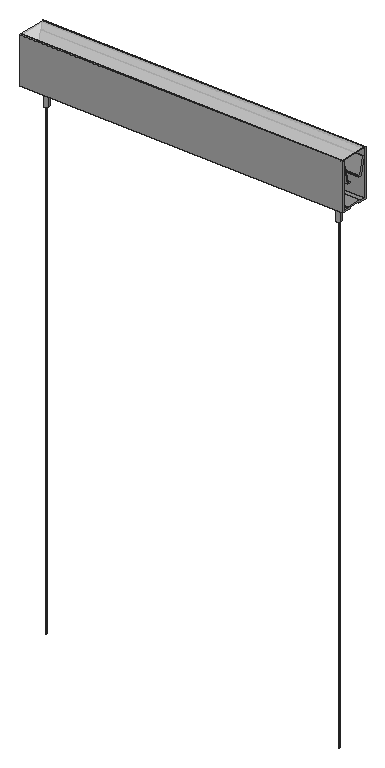
Revit family "2093158 Sylvania Lighting Fixture MC2 0-6M 4K DALI WHT OPAL", category Lighting Fixtures, host Face, Revit 2016
Family settings
  Host = Face
  Part Type = Normal
  Round Connector Dimension = Use Diameter
  OmniClass Number = 23.80.70.11.17
  OmniClass Title = Specialized Lighting by Location or Use
  Cut with Voids When Loaded = No
  Light Source = Yes
  Shared = No
  Room Calculation Point = No
Parameters (values of type "2093158 MC2 0.6M 4K DALI WHT OPAL")
  Width_SYL = 54.0 mm
  Weight = "1.5 kg"
  Wattage = 10 W
  WarrantyStartDate [instance] = "n/a"
  WarrantyGuarantorParts = "n/a"
  WarrantyDurationUnit = "n/a"
  WarrantyDurationParts = "n/a"
  WarrantyDescription = "n/a"
  built-in parameter 1150110 = 1 (stored number, unit not read)
  Voltage = 0 V
  URL = "http://www.sylvania-lighting.com"
  TypeName = "MC2 0.6M 4K DALI WHT OPAL"
  built-in parameter 1114217 = 1 (stored number, unit not read)
  Tilt Angle = -90.00°
  built-in parameter 1150109 = 1 (stored number, unit not read)
  built-in parameter 1150134 = 12
  built-in parameter 1150113 = 1 (stored number, unit not read)
  SerialNumber [instance] = "n/a"
  PowerFactor = 0.95
  PowerConsumption = "10 W"
  NominalWidth = 0.0 mm
  NominalLength = 600.0 mm
  NominalHeight = 86.0 mm
  Name = "MC2 0.6M 4K DALI WHT OPAL"
  ModelReference = "MC2 0.6M 4K DALI WHT OPAL"
  ModelNumber = "2093158"
  Material_3_SYL = Metal_Sylvania_Mini Contiuum II_Silver
  Photometric Web File = "2093158.ies"
  Material_4_SYL = Metal_Sylvania_Mini Contiuum II_Silver
  MountingHeight_SYL [instance] = 1000.0 mm
  Material = "aluminium housing, polycarbonate diffuser"
  ManufacturerName = "Feilo Sylvania"
  LuminousEfficacy = "117 lm/W"
  LuminaireType = ""
  LightOutputRatio = "100"
  Length_SYL = 600.0 mm
  LampsType = Lamp  # "LED"
  LampNominalLuminous = "1169 lm"
  LampMacAdamStep = "3"
  LampColourTemperature = "4000 K"
  LampColourRenderingIndex = "80"
  Keynote = "16500"
  InstallationDate [instance] = "n/a"
  InputVoltage = "n/a"
  InputNominalFrequency = "n/a"
  IngressProtection = "IP20"
  ImpactProtectionIndex = "n/a"
  IfcExportType = "IfcLightFixtureType"
  IfcExportAs = "IfcLightFixtureType"
  Height_SYL = 86.0 mm
  ExpectedLife = 50000
  EndCapRight_SYL [instance] = no
  EndCapLeft_SYL [instance] = no
  Emit from Rectangle Width = Width_SYL - 2.0 mm  # 52.0 mm
  Emit from Rectangle Length = Length_SYL  # 600.0 mm
  Emit Shape Visible in Rendering = no
  ElectricShockClassification = "Class I"
  DurationUnit = "hours"
  DocumentationLiterature = "http://www.sylvania-lighting.com/product/en-int/products/2093158"
  DimmingControlOptions = "n/a"
  CreatedOn = "10/15/2018"
  CreatedBy = "@sylvania-lighting.com"
  built-in parameter 1114216 [instance] = 1 (stored number, unit not read)
  Model = "MC2 0.6M 4K DALI WHT OPAL"
  Manufacturer = "Feilo Sylvania"
  built-in parameter 1150105 = 93.106 (stored number, unit not read)
  Lumens = 1170 lm
  built-in parameter 1150115 = 1 (stored number, unit not read)
  built-in parameter 1150137 = (empty or 0)
  built-in parameter 1150139 = (empty or 0)
  built-in parameter 1150112 = 1 (stored number, unit not read)
  built-in parameter 1150114 = 1 (stored number, unit not read)
  Lamp = "LED"
  built-in parameter 1150132 = 2
  built-in parameter 1150102 = (empty or 0)
  built-in parameter 1150107 = 4000 (stored number, unit not read)
  built-in parameter 1150138 = (empty or 0)
  built-in parameter 1150106 = 0.93106 (stored number, unit not read)
  Material_1_SYL = Metal_Sylvania_Mini Continuum II_White
  built-in parameter 1150104 = 10.87 (stored number, unit not read)
  Dimming Lamp Color Temperature Shift = <None>
  Material_2_SYL = Polycarbonate_Sylvania_Mini Continuum II_Opal_4000K
  Description = "2093158   MC2 0.6M 4K DALI WHT OPAL  Continuous lines of LED light, white RAL 9016, direct distribution, extension module, trimless detail for a seamless finish, suitable for recessed, semi-recessed, surface-mounted or suspended installation either horizontally or vertically, various accessories available, compact and minimalist design based on the Golden Mean, ideal for offices, meeting rooms, corridors, education facilities, museums and libraries, extruded aluminium body, diffuser: opal, colour temperature: 4000K neutral white, total system power: 10W, total fixture output: 1169lm, luminaire efficacy: 117lm/W, LOR: 100%, colour rendering: Ra >80, LED Chromacity: 1 step MacAdam ellipse, lifetime: 60,000 hours at 90% of the original output (L90), energy class: A++, A+, A, IR/UV free light source without heat radiation, operating voltage: 220-240V / 50-60Hz, drive current: 400mA, electronic driver, DALI dimmable, electrical protection: CLASS I, IP20, suitable for internal environment only."
  Default Elevation = 0.0 mm
  Color Filter = 16777215
  built-in parameter 1140040 [instance] = 1
  BarCode [instance] = "n/a"
  built-in parameter 1114218 = 1 (stored number, unit not read)
  built-in parameter 1150133 = 10 (stored number, unit not read)
  AssetType = "Fixed"
  AssetIdentifier [instance] = "n/a"
  Assembly Code = "D5020200"
  Apparent Load = 10 VA
Reference planes
  plane 1 "Center (Front/Back)": y = 0
  plane 2 "Bottom Fixtures": z = 0
  plane 3 "Center (Left/Right)": x = 0
  plane 4 "Fixture Left": x = -300
  plane 5 "Fixture Right": x = 300
  plane 6 "Fixture Bottom": z = 1000
  plane 7: z = 998
  plane 8: z = 996
  plane 9: z = 986.951
  plane 10: z = 956.951
  plane 11 "Fixture Top": z = 914
  plane 12 "Mounting Right": x = 272
  plane 13 "Mounting Left": x = -272
  plane 14: z = 879
  plane 15: y = 27
  plane 16: y = -27
  plane 17: y = -26
  plane 18: y = -25
  plane 19: y = 26
  plane 20: y = 25
  plane 21: y = 11
  plane 22: y = -11
  plane 23: y = 24
  plane 24: y = 22
  plane 25: y = -22
  plane 26: y = 15
  plane 27: y = -15
  plane 28 "Upper Diffuser Left": x = -150
  plane 29 "Upper Diffuser Right": x = 150
  plane 30: x = -302
  plane 31: x = 302
Forms (mm)
  Extrusion 1, solid, material "Metal_Sylvania_Mini Continuum II_White" <- "Material_1_SYL", detail levels fine
    sketch origin (0, 0, 520) x (0, 1, 0) y (0, 0, 1)
      loop
        line (27, 480) -> (26, 480) -> (26, 478) -> (25, 478) -> (25, 396) -> (13, 396) -> (13, 398) -> (-13, 398) -> (-13, 396) -> (-25, 396) -> (-25, 478) -> (-26, 478) -> (-26, 480) -> (-27, 480) -> (-27, 394) -> (-11, 394) -> (-11, 396) -> (11, 396) -> (11, 394) -> (27, 394) -> (27, 480)
    from -300 to 300
  Extrusion 2, solid, material "Polycarbonate_Sylvania_Mini Continuum II_Opal_4000K" <- "Material_2_SYL", detail levels fine
    sketch origin (0, 0, 520) x (0, 1, 0) y (0, 0, 1)
      loop
        line (-26, 480) -> (-26, 478) -> (26, 478) -> (26, 480) -> (-26, 480)
    from -300 to 300
  Extrusion 3, solid, material "Metal_Sylvania_Mini Contiuum II_Silver" <- "Material_3_SYL", detail levels fine
    sketch origin (0, 0, 520) x (0, 1, 0) y (0, 0, 1)
      loop
        line (22, 466.951) -> (20.973, 466.951) -> (14.206, 437.951) -> (11, 437.951) -> (11, 436.951) -> (15, 436.951) -> (22, 466.951)
      loop
        line (-15, 436.951) -> (-11, 436.951) -> (-11, 437.951) -> (-14.206, 437.951) -> (-20.973, 466.951) -> (-22, 466.951) -> (-15, 436.951)
    from -300 to 300
  Extrusion 4, solid, material "Metal_Sylvania_Mini Continuum II_White" <- "Material_1_SYL", detail levels coarse+medium
    sketch origin (0, 0, 520) x (0, 1, 0) y (0, 0, 1)
      loop
        line (-27, 480) -> (-27, 394) -> (27, 394) -> (27, 480) -> (-27, 480)
    from -300 to 300
  Extrusion 5, solid, material "Metal_Sylvania_Mini Contiuum II_Silver" <- "Material_4_SYL", detail levels fine
    sketch origin (0, 0, -86) x (-1, 0, 0) y (0, -1, 0)
      loop
        circle (272, 0) r 4
      loop
        circle (-272, 0) r 4
    from 965 to 1002
  Extrusion 6, solid, material "Metal_Sylvania_Mini Contiuum II_Silver" <- "Material_4_SYL", detail levels fine
    sketch origin (0, 0, -86) x (-1, 0, 0) y (0, -1, 0)
      loop
        circle (-272, 0) r 1
      loop
        circle (272, 0) r 1
    from 86 to 965
  Extrusion 7, solid, material "Metal_Sylvania_Mini Continuum II_White" <- "Material_1_SYL", visible <- "EndCapLeft_SYL"
    sketch origin (-300, 171.684, 1219.2) x (0, 1, 0) y (0, 0, 1)
      loop
        line (-198.684, -305.2) -> (-144.684, -305.2) -> (-144.684, -219.2) -> (-198.684, -219.2) -> (-198.684, -305.2)
    from 0 to -2
  Extrusion 8, solid, material "Metal_Sylvania_Mini Continuum II_White" <- "Material_1_SYL", visible <- "EndCapRight_SYL"
    sketch origin (300, 171.684, 1219.2) x (0, 1, 0) y (0, 0, -1)
      loop
        line (-144.684, 219.2) -> (-144.684, 305.2) -> (-198.684, 305.2) -> (-198.684, 219.2) -> (-144.684, 219.2)
    from 0 to -2
Lines and regions (mm)
  Masking region 1
    outline origin (0, 0, -86) x (-1, 0, 0) y (0, -1, 0)
      loop
        line (300, -27) -> (300, 27) -> (-300, 27) -> (-300, -27) -> (300, -27)
  symbolic lines, detail levels fine
    curve 1: line (-300, 26, -86) -> (300, 26, -86)
    curve 2: line (-300, -26, -86) -> (300, -26, -86)
  model lines, detail levels coarse+medium
    curve 3: line (-272, 0, 914) -> (-272, 0, 0)
    curve 4: line (272, 0, 914) -> (272, 0, 0)
Dimensions and locks
  host sketch curve to plane 3 "Center (Left/Right)" to host sketch curve = 820.0 mm, 775.047 mm
  equal spacing: plane 4 "Fixture Left", plane 3 "Center (Left/Right)", plane 5 "Fixture Right"
  "Length_SYL": plane 4 "Fixture Left" to plane 5 "Fixture Right"
  plane 6 "Fixture Bottom" to plane 7 to plane 8 to plane 9 to plane 10 = 2.0 mm locked, 2.0 mm locked, 9.049 mm locked, 30.0 mm locked
  locked: Extrusion 1 sketch curve to Extrusion 1 sketch curve at 2
  locked: Extrusion 1 sketch curve to plane 11 "Fixture Top" at 2
  "Height_SYL": plane 6 "Fixture Bottom" to plane 11 "Fixture Top"
  locked: plane 12 "Mounting Right" to plane 5 "Fixture Right" at 28
  locked: plane 4 "Fixture Left" to plane 13 "Mounting Left" at 28
  locked: plane 11 "Fixture Top" to plane 14 at 35
  "MountingHeight_SYL": plane 6 "Fixture Bottom" to plane 2 "Bottom Fixtures"
  equal spacing: plane 15, plane 1 "Center (Front/Back)", plane 16
  "Width_SYL": plane 15 to plane 16
  plane 22 to plane 27 to plane 25 to plane 18 to plane 17 to plane 16 = 4.0 mm locked, 7.0 mm locked, 3.0 mm locked, 1.0 mm locked, 1.0 mm locked
  plane 15 to plane 19 to plane 20 to plane 23 to plane 24 to plane 26 to plane 21 = 1.0 mm locked, 1.0 mm locked, 1.0 mm locked, 2.0 mm locked, 7.0 mm locked, 4.0 mm locked
  locked: plane 4 "Fixture Left" to plane 28 "Upper Diffuser Left" at 150
  locked: plane 29 "Upper Diffuser Right" to plane 5 "Fixture Right" at 150
  equal spacing: plane 30, plane 3 "Center (Left/Right)", plane 31
  locked: plane 30 to plane 4 "Fixture Left" at 2
  aligned and locked: plane 2 "Bottom Fixtures" to host face
  aligned and locked: level to host face
  aligned and locked: plane 5 "Fixture Right" to curve 1
  aligned and locked: plane 4 "Fixture Left" to curve 1
  aligned and locked: plane 4 "Fixture Left" to curve 2
  aligned and locked: plane 5 "Fixture Right" to curve 2
  aligned and locked: Extrusion 1 sketch curve to plane 7
  aligned and locked: plane 6 "Fixture Bottom" to Extrusion 1 sketch curve  (x2)
  aligned and locked: plane 7 to Extrusion 1 sketch curve
  aligned and locked: Extrusion 1 to Extrusion 2 sketch curve
  aligned and locked: Extrusion 2 sketch curve to Extrusion 1  (x3)
  aligned and locked: Extrusion 3 sketch curve to plane 10
  aligned and locked: plane 9 to Extrusion 3 sketch curve
  aligned and locked: Extrusion 3 sketch curve to plane 9
  aligned and locked: Extrusion 4 sketch curve to plane 6 "Fixture Bottom"
  aligned and locked: Extrusion 4 to plane 4 "Fixture Left"
  aligned and locked: Extrusion 2 to plane 4 "Fixture Left"
  aligned and locked: Extrusion 3 to plane 4 "Fixture Left"
  aligned and locked: Extrusion 1 to plane 4 "Fixture Left"
  aligned and locked: Extrusion 4 to plane 5 "Fixture Right"
  aligned and locked: Extrusion 2 to plane 5 "Fixture Right"
  aligned and locked: Extrusion 3 to plane 5 "Fixture Right"
  aligned and locked: Extrusion 1 to plane 5 "Fixture Right"
  aligned and locked: plane 11 "Fixture Top" to Extrusion 4 sketch curve
  aligned and locked: Extrusion 1 sketch curve to plane 11 "Fixture Top"  (x2)
  aligned and locked: Extrusion 1 sketch curve to Extrusion 1 sketch curve
  aligned and locked: plane 6 "Fixture Bottom" to imposter light
  aligned and locked: plane 11 "Fixture Top" to curve 3
  aligned and locked: plane 2 "Bottom Fixtures" to curve 3
  aligned and locked: plane 11 "Fixture Top" to curve 4
  aligned and locked: plane 2 "Bottom Fixtures" to curve 4
  aligned and locked: curve 4 to plane 12 "Mounting Right"
  aligned and locked: curve 3 to plane 13 "Mounting Left"
  aligned and locked: Extrusion 5 to Extrusion 1
  aligned and locked: Extrusion 5 to plane 14
  aligned and locked: plane 14 to Extrusion 6
  aligned and locked: Extrusion 6 to level
  aligned and locked: plane 21 to Extrusion 3 sketch curve
  aligned and locked: Extrusion 3 sketch curve to plane 22
  aligned and locked: Extrusion 7 sketch curve to Extrusion 4  (x4)
  aligned and locked: Extrusion 7 to plane 30
  aligned and locked: plane 4 "Fixture Left" to Extrusion 7
  aligned and locked: Extrusion 8 sketch curve to Extrusion 4  (x4)
  aligned and locked: plane 31 to Extrusion 8
  aligned and locked: plane 5 "Fixture Right" to Extrusion 8
Automatic sketch dimensions
  host sketch curve to host sketch curve = 1047.463 mm
  plane 19 to curve 1 = 0.0 mm
  curve 2 to plane 17 = 0.0 mm
  Masking region 1 sketch curve to plane 5 "Fixture Right" = 0.0 mm
  Masking region 1 sketch curve to plane 4 "Fixture Left" = 0.0 mm
  plane 15 to Masking region 1 sketch curve = 0.0 mm
  Masking region 1 sketch curve to plane 16 = 0.0 mm
  Extrusion 1 sketch curve to plane 16 = 0.0 mm
  Extrusion 1 sketch curve to plane 17 = 0.0 mm
  Extrusion 1 sketch curve to plane 18 = 0.0 mm
  Extrusion 1 sketch curve to plane 22 = 0.0 mm
  Extrusion 1 sketch curve to plane 21 = 0.0 mm
  Extrusion 1 sketch curve to plane 20 = 0.0 mm
  Extrusion 1 sketch curve to plane 19 = 0.0 mm
  Extrusion 1 sketch curve to plane 15 = 0.0 mm
  plane 11 "Fixture Top" to Extrusion 1 sketch curve = 2.0 mm
  Extrusion 1 sketch curve to plane 22 = 2.0 mm
  Extrusion 1 sketch curve to plane 21 = 2.0 mm
  Extrusion 3 sketch curve to plane 25 = 0.0 mm
  Extrusion 3 sketch curve to plane 27 = 0.0 mm
  Extrusion 3 sketch curve to plane 26 = 0.0 mm
  Extrusion 3 sketch curve to plane 24 = 0.0 mm
  plane 10 to Extrusion 3 sketch curve = 1.0 mm
  Extrusion 3 sketch curve to Extrusion 3 sketch curve = 1.027 mm
  plane 27 to Extrusion 3 sketch curve = 0.794 mm
  plane 26 to Extrusion 3 sketch curve = 0.794 mm
  plane 24 to Extrusion 3 sketch curve = 1.027 mm
  Extrusion 4 sketch curve to plane 16 = 0.0 mm
  Extrusion 4 sketch curve to plane 15 = 0.0 mm
  plane 1 "Center (Front/Back)" to Extrusion 5 sketch curve = 0.0 mm  (x2)
  Extrusion 5 sketch curve to plane 12 "Mounting Right" = 0.0 mm
  Extrusion 5 sketch curve to plane 13 "Mounting Left" = 0.0 mm
  plane 1 "Center (Front/Back)" to Extrusion 6 sketch curve = 0.0 mm  (x2)
  Extrusion 6 sketch curve to plane 12 "Mounting Right" = 0.0 mm
  Extrusion 6 sketch curve to plane 13 "Mounting Left" = 0.0 mm
  Extrusion 3 sketch curve to Extrusion 3 sketch curve = 0.0 mm
  Extrusion 3 sketch curve to plane 10 = 0.0 mm
  radius of Extrusion 5 sketch curve = 4.0 mm  (x2)
  radius of Extrusion 6 sketch curve = 1.0 mm  (x2)
Connectors
  electrical at (300, 0, 949), driven by "Apparent Load"
    settings: on Extrusion 1, index 1, voltage 230 V, apparent load 0 VA, apparent load phase1 10 VA, apparent load phase2 0 VA, apparent load phase3 0 VA, power factor 1, load classification "Lighting", number of poles 1, system type 31, power factor state 1, is connector primary yes, connector utility no, sub classification motor no, connector description ""
